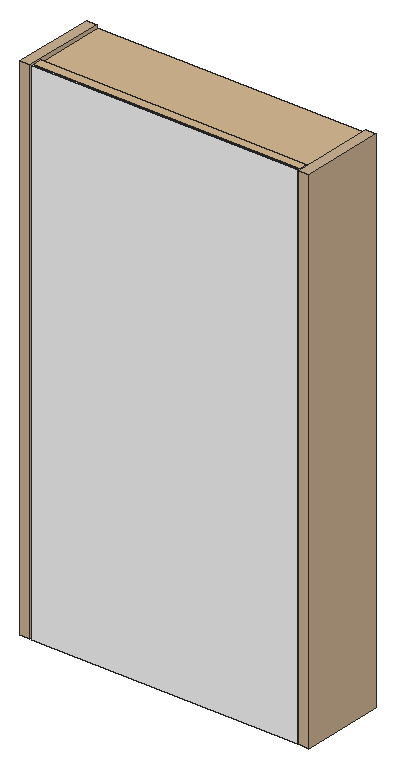
Revit family "Reece_Mirror_Kado_Arc_Mirror Cabinet", category Casework, Revit 2018
Family settings
  Work Plane-Based = Yes
  Always vertical = Yes
  Cut with Voids When Loaded = Yes
  Shared = Yes
  Room Calculation Point = Yes
Parameters
  URL = "https://www.reece.com.au/product/-2352070"
  Type Comments = "Mirror"
  Reece_Product_Web Page = "https://www.reece.com.au/product/-2352070"
  Reece_Product_Type = "Mirror"  # constant formula
  Reece_Product_Sub Brand = "Arc"  # constant formula
  Reece_Product_Number = "2352070"
  Reece_Product_Mount = "Wall Mounted"  # constant formula
  Reece_Product_Description = "Kado Arc Shaving Cabinet 450W X 800H X 130D Single Door - Solid Timber Sides"
  Reece_Product_Brand = "Kado"  # constant formula
  Reece_Material_Secondary = Reece_Glass_Mirror
  Reece_Material_Main = Reece_Timber_Australian Chestnut
  Reece_Material_Colour = Reece_MDF_Woodgrain
  Reece_Door_4_Width_Side_Door = 430 mm  # constant formula
  Reece_Door_4_Width_Centre_Door = 449 mm  # constant formula
  Reece_Door_3_Width_Side_Door = if(Reece_Overall_Width = 1200 mm, 380.5 mm, if(Reece_Overall_Width = 1500 mm, 480.5 mm, 480.5 mm))  # 480.5 mm
  Reece_Door_3_Width_Centre_Door = if(Reece_Overall_Width = 1200 mm, 399 mm, if(Reece_Overall_Width = 1500 mm, 499 mm, 499 mm))  # 499 mm
  Reece_Door_2_Width = (Reece_Overall_Width - 38 mm) / 2  # 206 mm
  Reece_Door_2 = no
  Reece_Door_3 = no
  Reece_Door_4 = no
  Reece_Overall_Width = 450 mm
  Reece_Overall_Height = 800 mm  # constant formula
  Reece_Overall_Depth = 130 mm  # constant formula
  Reece_Height_From_Level [instance] = 1000 mm
  Reece_Door_1_Width = Reece_Overall_Width - 36 mm  # 414 mm
  Reece_Door_1 = yes
  Reece_Detail_Installation = "Mirror Cabinet"  # constant formula
  Reece_Detail_Disclaimer = "THIS FILE IS THE PROPERTY OF THE REECE GROUP. IT MAY NOT BE REPRODUCED, REVERSE-ENGINEERED, OR MODIFIED. ANY REPUBLICATION, TRANSMISSION, OR DISTRIBUTION FOR THE PURPOSE OF COMMERCIALLY EXPLOITING THE FILES IS PROHIBITED."  # constant formula
  Model = "Arc"
  Manufacturer = "Kado"
  Keynote = "Product #2352070, Reece_Mirror_Kado_Arc_Mirror Cabinet -  "
  Finish = "Satin"  # constant formula
  Disclaimer = "THIS FILE IS THE PROPERTY OF THE REECE GROUP. IT MAY NOT BE REPRODUCED, REVERSE-ENGINEERED, OR MODIFIED. ANY REPUBLICATION, TRANSMISSION, OR DISTRIBUTION FOR THE PURPOSE OF COMMERCIALLY EXPLOITING THE FILES IS PROHIBITED."  # constant formula
  Description = "Kado Arc Shaving Cabinet 450W X 800H X 130D Single Door - Solid Timber Sides"
  Default Elevation = 0 mm
Types (19, lengths in mm): name | URL | Reece_Product_Web Page | Reece_Product_Number | Reece_Product_Description | Reece_Material_Main | Reece_Material_Colour | Reece_Door_3_Width_Side_Door | Reece_Door_3_Width_Centre_Door | Reece_Door_2_Width | Reece_Door_2 | Reece_Door_3 | Reece_Door_4 | Reece_Overall_Width | Reece_Door_1_Width | Reece_Door_1 | Keynote | Description
  (no name) | "https://www.reece.com.au/product/-2352070" | "https://www.reece.com.au/product/-2352070" | "2352070" | "Kado Arc Shaving Cabinet 450W X 800H X 130D Single Door - Solid Timber Sides" | Reece_Timber_Australian Chestnut | Reece_MDF_Woodgrain | 480.5 | 499 | 206 | no | no | no | 450 | 414 | yes | "Product #2352070, Reece_Mirror_Kado_Arc_Mirror Cabinet -  " | "Kado Arc Shaving Cabinet 450W X 800H X 130D Single Door - Solid Timber Sides"
  1 Door_450 mm_Australian Chestnut | "https://www.reece.com.au/product/-2352070" | "https://www.reece.com.au/product/-2352070" | "2352070" | "Kado Arc Shaving Cabinet 450W X 800H X 130D Single Door - Solid Timber Sides" | Reece_Timber_Australian Chestnut | Reece_MDF_Woodgrain | 480.5 | 499 | 206 | no | no | no | 450 | 414 | yes | "Product #2352070, Reece_Mirror_Kado_Arc_Mirror Cabinet - 1 Door_450 mm_Australian Chestnut" | "Kado Arc Shaving Cabinet 450W X 800H X 130D Single Door - Solid Timber Sides"
  1 Door_600 mm_Australian Chestnut | "https://www.reece.com.au/product/-2352071" | "https://www.reece.com.au/product/-2352071" | "2352071" | "Kado Arc Shaving Cabinet 600W X 800H X 130D Single Door - Solid Timber Sides" | Reece_Timber_Australian Chestnut | Reece_MDF_Woodgrain | 480.5 | 499 | 281 | no | no | no | 600 | 564 | yes | "Product #2352071, Reece_Mirror_Kado_Arc_Mirror Cabinet - 1 Door_600 mm_Australian Chestnut" | "Kado Arc Shaving Cabinet 600W X 800H X 130D Single Door - Solid Timber Sides"
  2 Doors_1200 mm_Australian Chestnut | "https://www.reece.com.au/product/-2352075" | "https://www.reece.com.au/product/-2352075" | "2352075" | "Kado Arc Shaving Cabinet 1200W X 800H X 130D Double Door - Solid Timber Sides" | Reece_Timber_Australian Chestnut | Reece_MDF_Woodgrain | 380.5 | 399 | 581 | yes | no | no | 1200 | 1164 | no | "Product #2352075, Reece_Mirror_Kado_Arc_Mirror Cabinet - 2 Doors_1200 mm_Australian Chestnut" | "Kado Arc Shaving Cabinet 1200W X 800H X 130D Double Door - Solid Timber Sides"
  2 Doors_600 mm_Australian Chestnut | "https://www.reece.com.au/product/-2352072" | "https://www.reece.com.au/product/-2352072" | "2352072" | "Kado Arc Shaving Cabinet 600W X 800H X 130D Double Door - Solid Timber Sides" | Reece_Timber_Australian Chestnut | Reece_MDF_Woodgrain | 480.5 | 499 | 281 | yes | no | no | 600 | 564 | no | "Product #2352072, Reece_Mirror_Kado_Arc_Mirror Cabinet - 2 Doors_600 mm_Australian Chestnut" | "Kado Arc Shaving Cabinet 600W X 800H X 130D Double Door - Solid Timber Sides"
  2 Doors_750 mm_Australian Chestnut | "https://www.reece.com.au/product/-2352073" | "https://www.reece.com.au/product/-2352073" | "2352073" | "Kado Arc Shaving Cabinet 750W X 800H X 130D Double Door - Solid Timber Sides" | Reece_Timber_Australian Chestnut | Reece_MDF_Woodgrain | 480.5 | 499 | 356 | yes | no | no | 750 | 714 | no | "Product #2352073, Reece_Mirror_Kado_Arc_Mirror Cabinet - 2 Doors_750 mm_Australian Chestnut" | "Kado Arc Shaving Cabinet 750W X 800H X 130D Double Door - Solid Timber Sides"
  2 Doors_900 mm_Australian Chestnut | "https://www.reece.com.au/product/-2352074" | "https://www.reece.com.au/product/-2352074" | "2352074" | "Kado Arc Shaving Cabinet 900W X 800H X 130D Double Door - Solid Timber Sides" | Reece_Timber_Australian Chestnut | Reece_MDF_Woodgrain | 480.5 | 499 | 431 | yes | no | no | 900 | 864 | no | "Product #2352074, Reece_Mirror_Kado_Arc_Mirror Cabinet - 2 Doors_900 mm_Australian Chestnut" | "Kado Arc Shaving Cabinet 900W X 800H X 130D Double Door - Solid Timber Sides"
  3 Doors_1200 mm_Australian Chestnut | "https://www.reece.com.au/product/-2352076" | "https://www.reece.com.au/product/-2352076" | "2352076" | "Kado Arc Shaving Cabinet 1200W X 800H X 130D 3 Door - Solid Timber Sides" | Reece_Timber_Australian Chestnut | Reece_MDF_Woodgrain | 380.5 | 399 | 581 | no | yes | no | 1200 | 1164 | no | "Product #2352076, Reece_Mirror_Kado_Arc_Mirror Cabinet - 3 Doors_1200 mm_Australian Chestnut" | "Kado Arc Shaving Cabinet 1200W X 800H X 130D 3 Door - Solid Timber Sides"
  3 Doors_1500 mm_Australian Chestnut | "https://www.reece.com.au/product/-2352077" | "https://www.reece.com.au/product/-2352077" | "2352077" | "Kado Arc Shaving Cabinet 1500W X 800H X 130D 3 Door - Solid Timber Sides" | Reece_Timber_Australian Chestnut | Reece_MDF_Woodgrain | 480.5 | 499 | 731 | no | yes | no | 1500 | 1464 | no | "Product #2352077, Reece_Mirror_Kado_Arc_Mirror Cabinet - 3 Doors_1500 mm_Australian Chestnut" | "Kado Arc Shaving Cabinet 1500W X 800H X 130D 3 Door - Solid Timber Sides"
  4 Doors_1800 mm_Australian Chestnut | "https://www.reece.com.au/product/-2352078" | "https://www.reece.com.au/product/-2352078" | "2352078" | "Kado Arc Shaving Cabinet 1800W X 800H X 130D 4 Door - Solid Timber Sides" | Reece_Timber_Australian Chestnut | Reece_MDF_Woodgrain | 480.5 | 499 | 881 | no | no | yes | 1800 | 1764 | no | "Product #2352078, Reece_Mirror_Kado_Arc_Mirror Cabinet - 4 Doors_1800 mm_Australian Chestnut" | "Kado Arc Shaving Cabinet 1800W X 800H X 130D 4 Door - Solid Timber Sides"
  1 Door_450 mm_Red Tulip Oak | "https://www.reece.com.au/product/-2356053" | "https://www.reece.com.au/product/-2356053" | "2356053" | "Kado Arc Shaving Cabinet 450mm x 800mm x 130mm 1 Door Red Tulip" | Reece_Oak_Red Tulip | Reece_Oak_Red Tulip | 480.5 | 499 | 206 | no | no | no | 450 | 414 | yes | "Product #2356053, Reece_Mirror_Kado_Arc_Mirror Cabinet - 1 Door_450 mm_Red Tulip Oak" | "Kado Arc Shaving Cabinet 450mm x 800mm x 130mm 1 Door Red Tulip"
  1 Door_600 mm_Red Tulip Oak | "https://www.reece.com.au/product/-2356054" | "https://www.reece.com.au/product/-2356054" | "2356054" | "Kado Arc Shaving Cabinet 600mm x 800mm x 130mm 1 Door Red Tulip" | Reece_Oak_Red Tulip | Reece_Oak_Red Tulip | 480.5 | 499 | 281 | no | no | no | 600 | 564 | yes | "Product #2356054, Reece_Mirror_Kado_Arc_Mirror Cabinet - 1 Door_600 mm_Red Tulip Oak" | "Kado Arc Shaving Cabinet 600mm x 800mm x 130mm 1 Door Red Tulip"
  2 Doors_600 mm_Red Tulip Oak | "https://www.reece.com.au/product/-2356055" | "https://www.reece.com.au/product/-2356055" | "2356055" | "Kado Arc Shaving Cabinet 600mm x 800mm x 130mm 2 Door Red Tulip" | Reece_Oak_Red Tulip | Reece_Oak_Red Tulip | 480.5 | 499 | 281 | yes | no | no | 600 | 564 | no | "Product #2356055, Reece_Mirror_Kado_Arc_Mirror Cabinet - 2 Doors_600 mm_Red Tulip Oak" | "Kado Arc Shaving Cabinet 600mm x 800mm x 130mm 2 Door Red Tulip"
  2 Doors_750 mm_Red Tulip Oak | "https://www.reece.com.au/product/-2356056" | "https://www.reece.com.au/product/-2356056" | "2356056" | "Kado Arc Shaving Cabinet 750mm x 800mm x 130mm 2 Door Red Tulip" | Reece_Oak_Red Tulip | Reece_Oak_Red Tulip | 480.5 | 499 | 356 | yes | no | no | 750 | 714 | no | "Product #2356056, Reece_Mirror_Kado_Arc_Mirror Cabinet - 2 Doors_750 mm_Red Tulip Oak" | "Kado Arc Shaving Cabinet 750mm x 800mm x 130mm 2 Door Red Tulip"
  2 Doors_900 mm_Red Tulip Oak | "https://www.reece.com.au/product/-2356057" | "https://www.reece.com.au/product/-2356057" | "2356057" | "Kado Arc Shaving Cabinet 900mm x 800mm x 130mm 2 Door Red Tulip" | Reece_Oak_Red Tulip | Reece_Oak_Red Tulip | 480.5 | 499 | 431 | yes | no | no | 900 | 864 | no | "Product #2356057, Reece_Mirror_Kado_Arc_Mirror Cabinet - 2 Doors_900 mm_Red Tulip Oak" | "Kado Arc Shaving Cabinet 900mm x 800mm x 130mm 2 Door Red Tulip"
  2 Doors_1200 mm_Red Tulip Oak | "https://www.reece.com.au/product/-2356058" | "https://www.reece.com.au/product/-2356058" | "2356058" | "Kado Arc Shaving Cabinet 1200mm x 800mm x 130mm 2 Door Red Tulip" | Reece_Oak_Red Tulip | Reece_Oak_Red Tulip | 380.5 | 399 | 581 | yes | no | no | 1200 | 1164 | no | "Product #2356058, Reece_Mirror_Kado_Arc_Mirror Cabinet - 2 Doors_1200 mm_Red Tulip Oak" | "Kado Arc Shaving Cabinet 1200mm x 800mm x 130mm 2 Door Red Tulip"
  3 Doors_1200 mm_Red Tulip Oak | "https://www.reece.com.au/product/-2356059" | "https://www.reece.com.au/product/-2356059" | "2356059" | "Kado Arc Shaving Cabinet 1200mm x 800mm x 130mm 3 Door Red Tulip" | Reece_Oak_Red Tulip | Reece_Oak_Red Tulip | 380.5 | 399 | 581 | no | yes | no | 1200 | 1164 | no | "Product #2356059, Reece_Mirror_Kado_Arc_Mirror Cabinet - 3 Doors_1200 mm_Red Tulip Oak" | "Kado Arc Shaving Cabinet 1200mm x 800mm x 130mm 3 Door Red Tulip"
  3 Doors_1500 mm_Red Tulip Oak | "https://www.reece.com.au/product/-2356060" | "https://www.reece.com.au/product/-2356060" | "2356060" | "Kado Arc Shaving Cabinet 1500mm x 800mm x 130mm 3 Door Red Tulip" | Reece_Oak_Red Tulip | Reece_Oak_Red Tulip | 480.5 | 499 | 731 | no | yes | no | 1500 | 1464 | no | "Product #2356060, Reece_Mirror_Kado_Arc_Mirror Cabinet - 3 Doors_1500 mm_Red Tulip Oak" | "Kado Arc Shaving Cabinet 1500mm x 800mm x 130mm 3 Door Red Tulip"
  4 Doors_1800 mm_Red Tulip Oak | "https://www.reece.com.au/product/-2356061" | "https://www.reece.com.au/product/-2356061" | "2356061" | "Kado Arc Shaving Cabinet 1800mm x 800mm x 130mm 4 Door Red Tulip" | Reece_Oak_Red Tulip | Reece_Oak_Red Tulip | 480.5 | 499 | 881 | no | no | yes | 1800 | 1764 | no | "Product #2356061, Reece_Mirror_Kado_Arc_Mirror Cabinet - 4 Doors_1800 mm_Red Tulip Oak" | "Kado Arc Shaving Cabinet 1800mm x 800mm x 130mm 4 Door Red Tulip"
Reference planes
  plane 1 "Wall": y = 0
  plane 2 "Bottom Host Plane": z = 0
  plane 3 "Center (Left/Right)": x = 0
  plane 4: x = -225
  plane 5 "Front": y = -130
  plane 6: x = 225
  plane 7 "Bottom of Cabinet": z = 1000
  plane 8: z = -5
  plane 9 "Top of Cabinet": z = 1800
  plane 10: x = -209
  plane 11: x = 209
  plane 12: y = -2
  plane 13: y = -110
  plane 14: x = -207
  plane 15: x = 207
  plane 16 "Middle": z = 1400
  plane 17 "Double Panel Left": x = 273.5
  plane 18 "Double Panel Right": x = 774.5
  plane 19: x = 675
  plane 20: x = 223
  plane 21: x = 1125
  plane 22 "Top q": x = 275.5
  plane 23 "Top r": x = 776.5
  plane 24: x = 225
  plane 25: x = 674
  plane 26: x = 676
  plane 27: x = 1127
Forms (mm)
  Extrusion 1, solid, material "Reece_Timber_Australian Chestnut" <- "Reece_Material_Main"
    sketch origin (0, 0, 0) x (1, 0, 0) y (0, 0, 1)
      loop
        line (-225, 1800) -> (-225, 1000) -> (-209, 1000) -> (-209, 1800) -> (-225, 1800)
      loop
        line (225, 1000) -> (225, 1800) -> (209, 1800) -> (209, 1000) -> (225, 1000)
    from 0 to 130
  Extrusion 2, solid, material "Reece_MDF_Woodgrain" <- "Reece_Material_Colour"
    sketch origin (0, 0, 1000) x (0, -1, 0) y (1, 0, 0)
      loop
        line (2, 209) -> (2, -209) -> (18, -209) -> (18, 209) -> (2, 209)
    from 21 to 779
  Extrusion 3, solid, material "Reece_MDF_Woodgrain" <- "Reece_Material_Colour"
    sketch origin (0, 0, 0) x (1, 0, 0) y (0, 0, 1)
      loop
        line (209, 1537) -> (-209, 1537) -> (-209, 1521) -> (209, 1521) -> (209, 1537)
      loop
        line (-209, 1263) -> (209, 1263) -> (209, 1279) -> (-209, 1279) -> (-209, 1263)
    from 18 to 110
  Extrusion 4, solid, material "Reece_MDF_Woodgrain" <- "Reece_Material_Colour"
    sketch origin (0, 0, 0) x (1, 0, 0) y (0, 0, 1)
      loop
        line (209, 1795) -> (-209, 1795) -> (-209, 1779) -> (209, 1779) -> (209, 1795)
      loop
        line (-209, 1005) -> (209, 1005) -> (209, 1021) -> (-209, 1021) -> (-209, 1005)
    from 0 to 110
Lines and regions (mm)
  model lines, style "InvisibleLines"
    curve 1: line (0, 0, -5) -> (0, 0, 1800)
Text (mm)
  text "Reece ©" at (2750.254, -2396.412, 2870.147), in view "Reece Preview"
  text "Reece Copyright © 2018, Reece Ltd." at (-526.759, -443.435, 0), in view "Ref. Level"
Dimensions and locks
  "Reece_Height_From_Level": plane 7 "Bottom of Cabinet" to level
  "Reece_Overall_Height": plane 9 "Top of Cabinet" to plane 7 "Bottom of Cabinet"
  plane 4 to plane 6 = 450 mm
  equal spacing: plane 4, plane 3 "Center (Left/Right)", plane 6
  "Reece_Overall_Width": plane 6 to plane 4
  plane 1 "Wall" to plane 5 "Front" = 130 mm
  plane 7 "Bottom of Cabinet" to plane 9 "Top of Cabinet" = 800 mm
  "Reece_Overall_Depth": plane 5 "Front" to plane 1 "Wall"
  plane 4 to plane 10 to plane 14 = 16 mm locked, 2 mm locked
  plane 15 to plane 11 to plane 6 = 2 mm locked, 16 mm locked
  equal spacing: plane 9 "Top of Cabinet", plane 16 "Middle", plane 7 "Bottom of Cabinet"
  locked: plane 17 "Double Panel Left" to plane 22 "Top q" at 2
  locked: plane 18 "Double Panel Right" to plane 23 "Top r" at 2
  "Reece_Door_3_Width_Side_Door": plane 14 to plane 17 "Double Panel Left"
  "Reece_Door_3_Width_Centre_Door": plane 22 "Top q" to plane 18 "Double Panel Right"
  plane 25 to plane 19 to plane 26 = 1 mm locked, 1 mm locked
  locked: plane 20 to plane 24 at 2
  locked: plane 21 to plane 27 at 2
  "Reece_Door_4_Width_Side_Door": plane 14 to plane 20
  "Reece_Door_4_Width_Centre_Door": plane 24 to plane 25
  "Reece_Door_4_Width_Centre_Door": plane 26 to plane 21
  plane 15 to plane 27 = 920 mm
  aligned and locked: Extrusion 1 sketch curve to plane 4
  aligned and locked: Extrusion 1 sketch curve to plane 9 "Top of Cabinet"  (x2)
  aligned and locked: Extrusion 1 sketch curve to plane 7 "Bottom of Cabinet"
  aligned and locked: plane 6 to Extrusion 1 sketch curve
  aligned and locked: Extrusion 1 sketch curve to plane 10
  aligned and locked: Extrusion 1 sketch curve to plane 11
  aligned and locked: plane 5 "Front" to Extrusion 1
  aligned and locked: Extrusion 2 sketch curve to plane 12
  aligned and locked: Extrusion 2 sketch curve to plane 10
  aligned and locked: Extrusion 2 sketch curve to plane 11
  aligned and locked: nested 2 to plane 15
  aligned and locked: plane 5 "Front" to nested 1
  aligned and locked: nested 2 to plane 5 "Front"
  aligned and locked: nested 3 to plane 14
  aligned and locked: plane 5 "Front" to nested 3
  aligned and locked: nested 4 to plane 22 "Top q"
  aligned and locked: nested 5 to plane 23 "Top r"
  aligned and locked: nested 6 to plane 14
  aligned and locked: plane 5 "Front" to nested 6
  aligned and locked: nested 7 to plane 24
  aligned and locked: plane 5 "Front" to nested 7
  aligned and locked: plane 5 "Front" to nested 8
  aligned and locked: nested 8 to plane 14
  aligned and locked: plane 26 to nested 9
  aligned and locked: plane 5 "Front" to nested 9
  aligned and locked: nested 10 to plane 27
  aligned and locked: plane 5 "Front" to nested 10
  aligned and locked: nested 1 to plane 14
  aligned and locked: plane 10 to Extrusion 3 sketch curve  (x2)
  aligned and locked: Extrusion 3 sketch curve to plane 11
  aligned and locked: plane 11 to Extrusion 3 sketch curve
  aligned and locked: plane 10 to Extrusion 4 sketch curve  (x2)
  aligned and locked: plane 11 to Extrusion 4 sketch curve
  aligned and locked: Extrusion 4 sketch curve to plane 11
Automatic sketch dimensions
  curve 1 to plane 3 "Center (Left/Right)" = 0 mm
  curve 1 to plane 8 = 0 mm
  curve 1 to plane 9 "Top of Cabinet" = 0 mm
  Extrusion 1 sketch curve to plane 7 "Bottom of Cabinet" = 0 mm
  plane 12 to Extrusion 2 sketch curve = 16 mm
  Extrusion 3 sketch curve to plane 16 "Middle" = 137 mm
  Extrusion 3 sketch curve to Extrusion 3 sketch curve = 16 mm  (x2)
  plane 16 "Middle" to Extrusion 3 sketch curve = 121 mm
  Extrusion 4 sketch curve to plane 16 "Middle" = 395 mm
  Extrusion 4 sketch curve to Extrusion 4 sketch curve = 16 mm  (x2)
  plane 16 "Middle" to Extrusion 4 sketch curve = 379 mm
Nested families
  nested 1: "Reece_Mirror_Kado_Arc_Mirror Cabinet_Nested" at (18, -111, 1000), Reece_Door_Width <- "Reece_Door_2_Width", visible <- "Reece_Door_2", Reece_Material_Colour <- "Reece_Material_Colour", Reece_Material_Secondary <- "Reece_Material_Secondary", type "Reece_Mirror_Kado_Arc_Mirror Cabinet_Nested"
    with Reece_Material_Secondary Reece_Glass_Mirror, Reece_Material_Colour Reece_MDF_Woodgrain, Reece_Door_Width 206 mm
  nested 2: "Reece_Mirror_Kado_Arc_Mirror Cabinet_Nested" at (-18, -111, 1000) x (-1, 0, 0) z (0, 0, 1), Reece_Door_Width <- "Reece_Door_2_Width", visible <- "Reece_Door_2", Reece_Material_Colour <- "Reece_Material_Colour", Reece_Material_Secondary <- "Reece_Material_Secondary", type "Reece_Mirror_Kado_Arc_Mirror Cabinet_Nested"
    with Reece_Material_Secondary Reece_Glass_Mirror, Reece_Material_Colour Reece_MDF_Woodgrain, Reece_Door_Width 206 mm
  nested 3: "Reece_Mirror_Kado_Arc_Mirror Cabinet_Nested" at (18, -111, 1000), Reece_Door_Width <- "Reece_Door_3_Width_Side_Door", visible <- "Reece_Door_3", Reece_Material_Colour <- "Reece_Material_Colour", Reece_Material_Secondary <- "Reece_Material_Secondary", type "Reece_Mirror_Kado_Arc_Mirror Cabinet_Nested"
    with Reece_Material_Secondary Reece_Glass_Mirror, Reece_Material_Colour Reece_MDF_Woodgrain, Reece_Door_Width 480.5 mm
  nested 4: "Reece_Mirror_Kado_Arc_Mirror Cabinet_Nested" at (500.5, -111, 1000), Reece_Door_Width <- "Reece_Door_3_Width_Centre_Door", visible <- "Reece_Door_3", Reece_Material_Colour <- "Reece_Material_Colour", Reece_Material_Secondary <- "Reece_Material_Secondary", type "Reece_Mirror_Kado_Arc_Mirror Cabinet_Nested"
    with Reece_Material_Secondary Reece_Glass_Mirror, Reece_Material_Colour Reece_MDF_Woodgrain, Reece_Door_Width 499 mm
  nested 5: "Reece_Mirror_Kado_Arc_Mirror Cabinet_Nested" at (1001.5, -111, 1000), Reece_Door_Width <- "Reece_Door_3_Width_Side_Door", visible <- "Reece_Door_3", Reece_Material_Colour <- "Reece_Material_Colour", Reece_Material_Secondary <- "Reece_Material_Secondary", type "Reece_Mirror_Kado_Arc_Mirror Cabinet_Nested"
    with Reece_Material_Secondary Reece_Glass_Mirror, Reece_Material_Colour Reece_MDF_Woodgrain, Reece_Door_Width 480.5 mm
  nested 6: "Reece_Mirror_Kado_Arc_Mirror Cabinet_Nested" at (18, -111, 1000), Reece_Door_Width <- "Reece_Door_4_Width_Side_Door", visible <- "Reece_Door_4", Reece_Material_Colour <- "Reece_Material_Colour", Reece_Material_Secondary <- "Reece_Material_Secondary", type "Reece_Mirror_Kado_Arc_Mirror Cabinet_Nested"
    with Reece_Material_Secondary Reece_Glass_Mirror, Reece_Material_Colour Reece_MDF_Woodgrain, Reece_Door_Width 430 mm
  nested 7: "Reece_Mirror_Kado_Arc_Mirror Cabinet_Nested" at (450, -111, 1000), Reece_Door_Width <- "Reece_Door_4_Width_Centre_Door", visible <- "Reece_Door_4", Reece_Material_Colour <- "Reece_Material_Colour", Reece_Material_Secondary <- "Reece_Material_Secondary", type "Reece_Mirror_Kado_Arc_Mirror Cabinet_Nested"
    with Reece_Material_Secondary Reece_Glass_Mirror, Reece_Material_Colour Reece_MDF_Woodgrain, Reece_Door_Width 449 mm
  nested 8: "Reece_Mirror_Kado_Arc_Mirror Cabinet_Nested" at (18, -111, 1000), visible <- "Reece_Door_1", Reece_Door_Width <- "Reece_Door_1_Width", Reece_Material_Colour <- "Reece_Material_Colour", Reece_Material_Secondary <- "Reece_Material_Secondary", type "Reece_Mirror_Kado_Arc_Mirror Cabinet_Nested"
    with Reece_Material_Secondary Reece_Glass_Mirror, Reece_Material_Colour Reece_MDF_Woodgrain, Reece_Door_Width 414 mm
  nested 9: "Reece_Mirror_Kado_Arc_Mirror Cabinet_Nested" at (901, -111, 1000), Reece_Door_Width <- "Reece_Door_4_Width_Centre_Door", visible <- "Reece_Door_4", Reece_Material_Colour <- "Reece_Material_Colour", Reece_Material_Secondary <- "Reece_Material_Secondary", type "Reece_Mirror_Kado_Arc_Mirror Cabinet_Nested"
    with Reece_Material_Secondary Reece_Glass_Mirror, Reece_Material_Colour Reece_MDF_Woodgrain, Reece_Door_Width 449 mm
  nested 10: "Reece_Mirror_Kado_Arc_Mirror Cabinet_Nested" at (1352, -111, 1000), Reece_Door_Width <- "Reece_Door_4_Width_Side_Door", visible <- "Reece_Door_4", Reece_Material_Colour <- "Reece_Material_Colour", Reece_Material_Secondary <- "Reece_Material_Secondary", type "Reece_Mirror_Kado_Arc_Mirror Cabinet_Nested"
    with Reece_Material_Secondary Reece_Glass_Mirror, Reece_Material_Colour Reece_MDF_Woodgrain, Reece_Door_Width 430 mm
Definition of nested family "Reece_Mirror_Kado_Arc_Mirror Cabinet_Nested"
  Parameters (values of type "Reece_Mirror_Kado_Arc_Mirror Cabinet_Nested")
    Reece_Product_Web Page = ""
    Reece_Product_Type = ""
    Reece_Product_Sub Brand = ""
    Reece_Product_Number = ""
    Reece_Product_Mount = ""
    Reece_Product_Description = ""
    Reece_Product_Brand = ""
    Reece_Material_Secondary [instance] = none
    Reece_Material_Main = none
    Reece_Material_Colour [instance] = none
    Reece_Door_Width [instance] = 450 mm
    Reece_Detail_Shape = ""
    Reece_Detail_Installation = ""
    Reece_Detail_Connector = ""
    Reece_Detail_Additional = ""
    Default Elevation = 0 mm
  Reference planes
    plane 1 "Back of Panel": y = 0
    plane 2 "Bottom Host Plane": z = 0
    plane 3 "Center (Left/Right)": x = 0
    plane 4 "Left": x = -225
    plane 5 "Front of Panel": y = -19
    plane 6 "Right": x = 225
    plane 7 "Top Host Plane": z = 800
    plane 8: y = -1
    plane 9: y = -15
  Forms (mm)
    Extrusion 1, solid, material <- "Reece_Material_Colour"
      sketch origin (0, 0, 0) x (1, 0, 0) y (0, 1, 0)
        loop
          line (-225, -1) -> (-225, -15) -> (225, -15) -> (225, -1) -> (-225, -1)
      from 0 to 800
    Extrusion 2, solid, material <- "Reece_Material_Secondary"
      sketch origin (0, 0, 0) x (1, 0, 0) y (0, 1, 0)
        loop
          line (-225, -15) -> (-225, -19) -> (225, -19) -> (225, -15) -> (-225, -15)
      from 0 to 800
  Text (mm)
    text "Reece ©" at (2750.254, -2396.412, 2870.147), in view "Reece Preview"
    text "Reece Copyright © 2018, Reece Ltd." at (-526.759, -443.435, 0), in view "Ref. Level"
  Dimensions and locks
    locked: plane 7 "Top Host Plane" to level at 800
    locked: plane 5 "Front of Panel" to plane 1 "Back of Panel" at 19
    "Reece_Door_Width": plane 4 "Left" to plane 6 "Right"
    aligned and locked: plane 4 "Left" to Extrusion 1 sketch curve
    aligned and locked: plane 6 "Right" to Extrusion 1 sketch curve
    aligned and locked: plane 8 to Extrusion 1 sketch curve
    aligned and locked: plane 9 to Extrusion 1 sketch curve
    aligned and locked: plane 4 "Left" to Extrusion 2 sketch curve
    aligned and locked: plane 6 "Right" to Extrusion 2 sketch curve
  Automatic sketch dimensions
    plane 5 "Front of Panel" to Extrusion 2 sketch curve = 0 mm
    Extrusion 2 sketch curve to plane 9 = 0 mm
